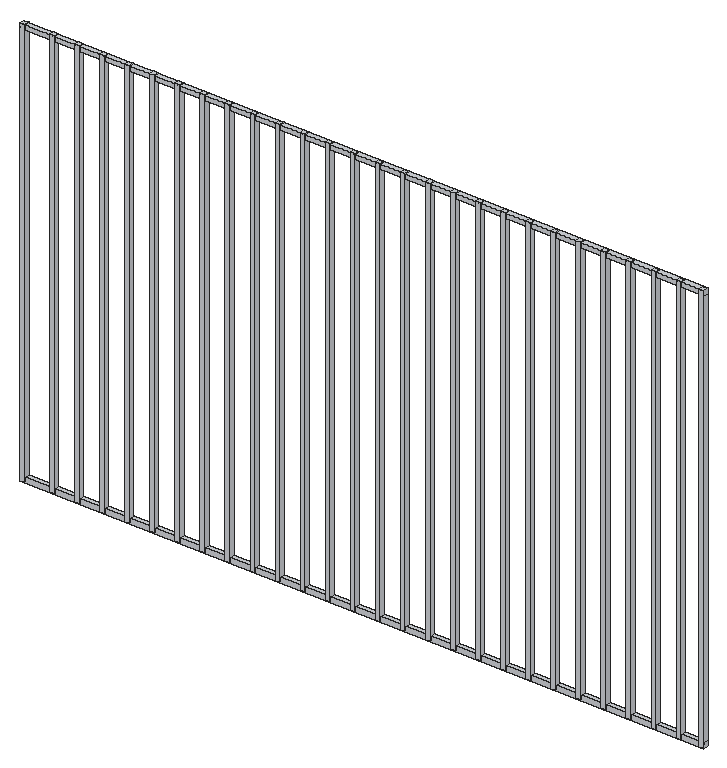
Revit family "AVLN_Ограждение лоджий встроенное", category Обобщенные модели, Revit 2021
Family settings
  Может служить основой для арматурных стержней = Нет
  Размер круглого соединителя = Использовать диаметр
  Тип детали = Нормальный
  На основе рабочей плоскости = Нет
  Всегда вертикально = Да
  При загрузке вырезать с полостями = Нет
  Общий = Нет
  Точка принадлежности помещению = Нет
Parameters (values of type "Для копирования!")
  Шаг стоек = 110 mm
  Стойка = направляющие : Прокат_квадрат_20х20
  Отметка по умолчанию = 0 mm
  Направляющие = направляющие : Прокат_квадрат_20х20
  Количество стоек_расчетное = (ADSK_Размер_Длина - Шаг стоек) / Шаг стоек  # 26
  Количество стоек = if(Количество стоек_расчетное = 1, 2, Количество стоек_расчетное)  # 26
  ADSK_Этаж [instance] = ""
  ADSK_Размер_Длина = 3000 mm
  ADSK_Размер_Высота = 1800 mm
  ADSK_Примечание [instance] = ""
  ADSK_Позиция = ""
  ADSK_Обозначение = ""
  ADSK_Наименование = ""
  ADSK_Масса [instance] = 0
  ADSK_Группирование [instance] = ""
Reference planes
  plane 1 "По центру (Вперед/Назад)": y = 0
  plane 2: z = 0
  plane 3 "По центру (Влево/Вправо)": x = 0
  plane 4: z = 1800
  plane 5: x = 1500
  plane 6: x = -1500
  plane 7: z = 900
  plane 8: x = 1390
  plane 9: x = 1280
Dimensions and locks
  equal spacing: plane 5, plane 3 "По центру (Влево/Вправо)", plane 6
  "ADSK_Размер_Длина": plane 6 to plane 5
  "ADSK_Размер_Высота": plane 2 to plane 4
  equal spacing: plane 2, plane 7, plane 4
  equal spacing: group 26, group 25, group 24, group 23, group 22, group 21, group 20, group 19, group 18, group 17, group 16, group 15, group 14, group 13, group 12, group 11, group 10, group 9, group 8, group 7, group 6, group 5, group 4, group 3, group 2, group 1
  equal spacing: group 1, group 2, group 3, group 4, group 5, group 6, group 7, group 8, group 9, group 10, group 11, group 12, group 13, group 14, group 15, group 16, group 17, group 18, group 19, group 20, group 21, group 22, group 23, group 24, group 25, group 26  (x2)
  "Шаг стоек": plane 8 to plane 5
  "Шаг стоек": plane 9 to plane 8
  aligned and locked: level to plane 2
  aligned and locked: nested 1 to plane 3 "По центру (Влево/Вправо)"
  aligned and locked: nested 2 to plane 3 "По центру (Влево/Вправо)"
  aligned and locked: plane 4 to nested 1
  aligned and locked: nested 2 to plane 2
  aligned and locked: nested 3 to plane 7
  aligned and locked: plane 8 to nested 3
  aligned and locked: plane 9 to nested 4
  aligned and locked: nested 19 to plane 7
  aligned and locked: nested 19 to plane 5
  aligned and locked: plane 6 to nested 20
  aligned and locked: plane 7 to nested 20
  aligned and locked: nested 5 to plane 7
  aligned and locked: nested 7 to plane 7
Nested families
  nested 1: "направляющие" at (1500, 0, 1790) x (-1, 0, 0) z (0, -1, 0), Длина <- "ADSK_Размер_Длина", type <- "Направляющие", ADSK_Позиция <- "ADSK_Позиция", type "Прокат_квадрат_20х20"
    with Расчет "", Марка ограждения "", Длина 3000 mm, ADSK_Размер_Длина 3000 mm, ADSK_Позиция "", ADSK_Номер секции "", ADSK_Масса 15, ADSK_Марка ""
  nested 2: "направляющие" at (1500, 0, 10) x (-1, 0, 0) z (0, -1, 0), Длина <- "ADSK_Размер_Длина", type <- "Направляющие", ADSK_Позиция <- "ADSK_Позиция", type "Прокат_квадрат_20х20"
    with Расчет "", Марка ограждения "", Длина 3000 mm, ADSK_Размер_Длина 3000 mm, ADSK_Позиция "", ADSK_Номер секции "", ADSK_Масса 15, ADSK_Марка ""
  nested 3: "направляющие" at (1390, 0, 1800) x (0, 0, -1) z (0, -1, 0), Длина <- "ADSK_Размер_Высота", type <- "Стойка", ADSK_Позиция <- "ADSK_Позиция", type "Прокат_квадрат_20х20"
    with Расчет "", Марка ограждения "", Длина 1800 mm, ADSK_Размер_Длина 1800 mm, ADSK_Позиция "", ADSK_Номер секции "", ADSK_Масса 9, ADSK_Марка ""
  nested 4: "направляющие" at (1280, 0, 1800) x (0, 0, -1) z (0, -1, 0), Длина <- "ADSK_Размер_Высота", type <- "Стойка", ADSK_Позиция <- "ADSK_Позиция", type "Прокат_квадрат_20х20"
    with Расчет "", Марка ограждения "", Длина 1800 mm, ADSK_Размер_Длина 1800 mm, ADSK_Позиция "", ADSK_Номер секции "", ADSK_Масса 9, ADSK_Марка ""
  nested 5: "направляющие" at (1170, 0, 1800) x (0, 0, -1) z (0, -1, 0), Длина <- "ADSK_Размер_Высота", type <- "Стойка", ADSK_Позиция <- "ADSK_Позиция", type "Прокат_квадрат_20х20"
    with Расчет "", Марка ограждения "", Длина 1800 mm, ADSK_Размер_Длина 1800 mm, ADSK_Позиция "", ADSK_Номер секции "", ADSK_Масса 9, ADSK_Марка ""
  nested 6: "направляющие" at (1060, 0, 1800) x (0, 0, -1) z (0, -1, 0), Длина <- "ADSK_Размер_Высота", type <- "Стойка", ADSK_Позиция <- "ADSK_Позиция", type "Прокат_квадрат_20х20"
    with Расчет "", Марка ограждения "", Длина 1800 mm, ADSK_Размер_Длина 1800 mm, ADSK_Позиция "", ADSK_Номер секции "", ADSK_Масса 9, ADSK_Марка ""
  nested 7: "направляющие" at (950, 0, 1800) x (0, 0, -1) z (0, -1, 0), Длина <- "ADSK_Размер_Высота", type <- "Стойка", ADSK_Позиция <- "ADSK_Позиция", type "Прокат_квадрат_20х20"
    with Расчет "", Марка ограждения "", Длина 1800 mm, ADSK_Размер_Длина 1800 mm, ADSK_Позиция "", ADSK_Номер секции "", ADSK_Масса 9, ADSK_Марка ""
  nested 8: "направляющие" at (840, 0, 1800) x (0, 0, -1) z (0, -1, 0), Длина <- "ADSK_Размер_Высота", type <- "Стойка", ADSK_Позиция <- "ADSK_Позиция", type "Прокат_квадрат_20х20"
    with Расчет "", Марка ограждения "", Длина 1800 mm, ADSK_Размер_Длина 1800 mm, ADSK_Позиция "", ADSK_Номер секции "", ADSK_Масса 9, ADSK_Марка ""
  nested 9: "направляющие" at (730, 0, 1800) x (0, 0, -1) z (0, -1, 0), Длина <- "ADSK_Размер_Высота", type <- "Стойка", ADSK_Позиция <- "ADSK_Позиция", type "Прокат_квадрат_20х20"
    with Расчет "", Марка ограждения "", Длина 1800 mm, ADSK_Размер_Длина 1800 mm, ADSK_Позиция "", ADSK_Номер секции "", ADSK_Масса 9, ADSK_Марка ""
  nested 10: "направляющие" at (620, 0, 1800) x (0, 0, -1) z (0, -1, 0), Длина <- "ADSK_Размер_Высота", type <- "Стойка", ADSK_Позиция <- "ADSK_Позиция", type "Прокат_квадрат_20х20"
    with Расчет "", Марка ограждения "", Длина 1800 mm, ADSK_Размер_Длина 1800 mm, ADSK_Позиция "", ADSK_Номер секции "", ADSK_Масса 9, ADSK_Марка ""
  nested 11: "направляющие" at (510, 0, 1800) x (0, 0, -1) z (0, -1, 0), Длина <- "ADSK_Размер_Высота", type <- "Стойка", ADSK_Позиция <- "ADSK_Позиция", type "Прокат_квадрат_20х20"
    with Расчет "", Марка ограждения "", Длина 1800 mm, ADSK_Размер_Длина 1800 mm, ADSK_Позиция "", ADSK_Номер секции "", ADSK_Масса 9, ADSK_Марка ""
  nested 12: "направляющие" at (400, 0, 1800) x (0, 0, -1) z (0, -1, 0), Длина <- "ADSK_Размер_Высота", type <- "Стойка", ADSK_Позиция <- "ADSK_Позиция", type "Прокат_квадрат_20х20"
    with Расчет "", Марка ограждения "", Длина 1800 mm, ADSK_Размер_Длина 1800 mm, ADSK_Позиция "", ADSK_Номер секции "", ADSK_Масса 9, ADSK_Марка ""
  nested 13: "направляющие" at (290, 0, 1800) x (0, 0, -1) z (0, -1, 0), Длина <- "ADSK_Размер_Высота", type <- "Стойка", ADSK_Позиция <- "ADSK_Позиция", type "Прокат_квадрат_20х20"
    with Расчет "", Марка ограждения "", Длина 1800 mm, ADSK_Размер_Длина 1800 mm, ADSK_Позиция "", ADSK_Номер секции "", ADSK_Масса 9, ADSK_Марка ""
  nested 14: "направляющие" at (180, 0, 1800) x (0, 0, -1) z (0, -1, 0), Длина <- "ADSK_Размер_Высота", type <- "Стойка", ADSK_Позиция <- "ADSK_Позиция", type "Прокат_квадрат_20х20"
    with Расчет "", Марка ограждения "", Длина 1800 mm, ADSK_Размер_Длина 1800 mm, ADSK_Позиция "", ADSK_Номер секции "", ADSK_Масса 9, ADSK_Марка ""
  nested 15: "направляющие" at (70, 0, 1800) x (0, 0, -1) z (0, -1, 0), Длина <- "ADSK_Размер_Высота", type <- "Стойка", ADSK_Позиция <- "ADSK_Позиция", type "Прокат_квадрат_20х20"
    with Расчет "", Марка ограждения "", Длина 1800 mm, ADSK_Размер_Длина 1800 mm, ADSK_Позиция "", ADSK_Номер секции "", ADSK_Масса 9, ADSK_Марка ""
  nested 16: "направляющие" at (-40, 0, 1800) x (0, 0, -1) z (0, -1, 0), Длина <- "ADSK_Размер_Высота", type <- "Стойка", ADSK_Позиция <- "ADSK_Позиция", type "Прокат_квадрат_20х20"
    with Расчет "", Марка ограждения "", Длина 1800 mm, ADSK_Размер_Длина 1800 mm, ADSK_Позиция "", ADSK_Номер секции "", ADSK_Масса 9, ADSK_Марка ""
  nested 17: "направляющие" at (-150, 0, 1800) x (0, 0, -1) z (0, -1, 0), Длина <- "ADSK_Размер_Высота", type <- "Стойка", ADSK_Позиция <- "ADSK_Позиция", type "Прокат_квадрат_20х20"
    with Расчет "", Марка ограждения "", Длина 1800 mm, ADSK_Размер_Длина 1800 mm, ADSK_Позиция "", ADSK_Номер секции "", ADSK_Масса 9, ADSK_Марка ""
  nested 18: "направляющие" at (-260, 0, 1800) x (0, 0, -1) z (0, -1, 0), Длина <- "ADSK_Размер_Высота", type <- "Стойка", ADSK_Позиция <- "ADSK_Позиция", type "Прокат_квадрат_20х20"
    with Расчет "", Марка ограждения "", Длина 1800 mm, ADSK_Размер_Длина 1800 mm, ADSK_Позиция "", ADSK_Номер секции "", ADSK_Масса 9, ADSK_Марка ""
  nested 19: "направляющие" at (1490, 0, 1800) x (0, 0, -1) z (0, -1, 0), type <- "Стойка", Длина <- "ADSK_Размер_Высота", ADSK_Позиция <- "ADSK_Позиция", type "Прокат_квадрат_20х20"
    with Расчет "", Марка ограждения "", Длина 1800 mm, ADSK_Размер_Длина 1800 mm, ADSK_Позиция "", ADSK_Номер секции "", ADSK_Масса 9, ADSK_Марка ""
  nested 20: "направляющие" at (-1490, 0, 1800) x (0, 0, -1) z (0, -1, 0), type <- "Стойка", Длина <- "ADSK_Размер_Высота", ADSK_Позиция <- "ADSK_Позиция", type "Прокат_квадрат_20х20"
    with Расчет "", Марка ограждения "", Длина 1800 mm, ADSK_Размер_Длина 1800 mm, ADSK_Позиция "", ADSK_Номер секции "", ADSK_Масса 9, ADSK_Марка ""
  nested 21: "направляющие" at (-370, 0, 1800) x (0, 0, -1) z (0, -1, 0), Длина <- "ADSK_Размер_Высота", type <- "Стойка", ADSK_Позиция <- "ADSK_Позиция", type "Прокат_квадрат_20х20"
    with Расчет "", Марка ограждения "", Длина 1800 mm, ADSK_Размер_Длина 1800 mm, ADSK_Позиция "", ADSK_Номер секции "", ADSK_Масса 9, ADSK_Марка ""
  nested 22: "направляющие" at (-480, 0, 1800) x (0, 0, -1) z (0, -1, 0), Длина <- "ADSK_Размер_Высота", type <- "Стойка", ADSK_Позиция <- "ADSK_Позиция", type "Прокат_квадрат_20х20"
    with Расчет "", Марка ограждения "", Длина 1800 mm, ADSK_Размер_Длина 1800 mm, ADSK_Позиция "", ADSK_Номер секции "", ADSK_Масса 9, ADSK_Марка ""
  nested 23: "направляющие" at (-590, 0, 1800) x (0, 0, -1) z (0, -1, 0), Длина <- "ADSK_Размер_Высота", type <- "Стойка", ADSK_Позиция <- "ADSK_Позиция", type "Прокат_квадрат_20х20"
    with Расчет "", Марка ограждения "", Длина 1800 mm, ADSK_Размер_Длина 1800 mm, ADSK_Позиция "", ADSK_Номер секции "", ADSK_Масса 9, ADSK_Марка ""
  nested 24: "направляющие" at (-700, 0, 1800) x (0, 0, -1) z (0, -1, 0), Длина <- "ADSK_Размер_Высота", type <- "Стойка", ADSK_Позиция <- "ADSK_Позиция", type "Прокат_квадрат_20х20"
    with Расчет "", Марка ограждения "", Длина 1800 mm, ADSK_Размер_Длина 1800 mm, ADSK_Позиция "", ADSK_Номер секции "", ADSK_Масса 9, ADSK_Марка ""
  nested 25: "направляющие" at (-810, 0, 1800) x (0, 0, -1) z (0, -1, 0), Длина <- "ADSK_Размер_Высота", type <- "Стойка", ADSK_Позиция <- "ADSK_Позиция", type "Прокат_квадрат_20х20"
    with Расчет "", Марка ограждения "", Длина 1800 mm, ADSK_Размер_Длина 1800 mm, ADSK_Позиция "", ADSK_Номер секции "", ADSK_Масса 9, ADSK_Марка ""
  nested 26: "направляющие" at (-920, 0, 1800) x (0, 0, -1) z (0, -1, 0), Длина <- "ADSK_Размер_Высота", type <- "Стойка", ADSK_Позиция <- "ADSK_Позиция", type "Прокат_квадрат_20х20"
    with Расчет "", Марка ограждения "", Длина 1800 mm, ADSK_Размер_Длина 1800 mm, ADSK_Позиция "", ADSK_Номер секции "", ADSK_Масса 9, ADSK_Марка ""
  nested 27: "направляющие" at (-1030, 0, 1800) x (0, 0, -1) z (0, -1, 0), Длина <- "ADSK_Размер_Высота", type <- "Стойка", ADSK_Позиция <- "ADSK_Позиция", type "Прокат_квадрат_20х20"
    with Расчет "", Марка ограждения "", Длина 1800 mm, ADSK_Размер_Длина 1800 mm, ADSK_Позиция "", ADSK_Номер секции "", ADSK_Масса 9, ADSK_Марка ""
  nested 28: "направляющие" at (-1140, 0, 1800) x (0, 0, -1) z (0, -1, 0), Длина <- "ADSK_Размер_Высота", type <- "Стойка", ADSK_Позиция <- "ADSK_Позиция", type "Прокат_квадрат_20х20"
    with Расчет "", Марка ограждения "", Длина 1800 mm, ADSK_Размер_Длина 1800 mm, ADSK_Позиция "", ADSK_Номер секции "", ADSK_Масса 9, ADSK_Марка ""
  nested 29: "направляющие" at (-1250, 0, 1800) x (0, 0, -1) z (0, -1, 0), Длина <- "ADSK_Размер_Высота", type <- "Стойка", ADSK_Позиция <- "ADSK_Позиция", type "Прокат_квадрат_20х20"
    with Расчет "", Марка ограждения "", Длина 1800 mm, ADSK_Размер_Длина 1800 mm, ADSK_Позиция "", ADSK_Номер секции "", ADSK_Масса 9, ADSK_Марка ""
  nested 30: "направляющие" at (-1360, 0, 1800) x (0, 0, -1) z (0, -1, 0), Длина <- "ADSK_Размер_Высота", type <- "Стойка", ADSK_Позиция <- "ADSK_Позиция", type "Прокат_квадрат_20х20"
    with Расчет "", Марка ограждения "", Длина 1800 mm, ADSK_Размер_Длина 1800 mm, ADSK_Позиция "", ADSK_Номер секции "", ADSK_Масса 9, ADSK_Марка ""
Definition of nested family "направляющие"
  Parameters (values of type "Прокат_полоса_40х4")
    Ширина = 4 mm
    Число = 0 mm
    Труба_круг = no
    Труба_квадрат = yes
    Толщина стенки трубы = 1 mm
    Расчет [instance] = ""
    Прокат_круг = no
    Прокат_квадрат = no
    Позиция для ограждения = 0
    Default Elevation = 1219.2 mm
    Масса = 0.00 kg
    Марка ограждения [instance] = ""
    Model = "Элемент ограждения"  # constant formula
    Высота/Диаметр = 40 mm
    Description = "ОГ"
    Длина [instance] = 1150 mm
    ADSK_Размер_Длина [instance] = Длина  # 1150 mm
    ADSK_Позиция [instance] = ""
    ADSK_Обозначение = "С235 ГОСТ27772-2015"
    ADSK_Номер секции [instance] = ""
    ADSK_Наименование = "Полоса 4х25 ГОСТ 103-2006"
    ADSK_Масса погонного метра = 5  # constant formula
    ADSK_Масса [instance] = ADSK_Масса погонного метра * ADSK_Размер_Длина / 1000 mm  # 5.75
    ADSK_Марка [instance] = ""
  Types (6, lengths in mm): name | Ширина | Труба_круг | Труба_квадрат | Толщина стенки трубы | Прокат_круг | Прокат_квадрат | Высота/Диаметр | Description
    Труба_квадрат_40х100 | 40 | no | yes | 2.5 | no | no | 100 | "ОГ"
    Труба_круг_50х2.5 | 15 | yes | no | 2.5 | no | no | 50 | "ОГ"
    Прокат_круг_20х2,5 | 15 | no | no | 2.5 | yes | no | 20 | "ОГ"
    Прокат_квадрат_20х20 | 20 | no | no | 2.5 | no | yes | 20 | "ОГ"
    Прокат_полоса 25х4 | 4 | no | no | 1 | no | yes | 25 | ""
    Прокат_полоса_40х4 | 4 | no | yes | 1 | no | no | 40 | "ОГ"
  Reference planes
    plane 1 "По центру (Вперед/Назад)": y = 0
    plane 2: z = 0
    plane 3 "По центру (Влево/Вправо)": x = 0
    plane 4: x = 1150
    plane 5: z = -40
    plane 6: z = -20
    plane 7: y = -2
    plane 8: y = 2
    plane 9: x = 575
  Forms (mm)
    Sweep 1, solid, visible <- "Труба_круг"
      path in 3D
        loop
          line (0, 0, 0) -> (1150, 0, 0)
      profile "круглый профиль_полый : Круглый профиль_полый" origin (575, 0, 0) x (0, 1, 0) y (0, 0, 1)
        loop
          circle (0, -20) r 19
        loop
          circle (0, -20) r 20
    Sweep 2, solid, visible <- "Труба_квадрат"
      path in 3D
        loop
          line (0, 0, 0) -> (1150, 0, 0)
      profile "квадратный профиль_полый : Круглый профиль_полый" origin (575, 0, 0) x (0, 1, 0) y (0, 0, 1)
        loop
          line (-1, -1) -> (-1, -39) -> (1, -39) -> (1, -1) -> (-1, -1)
        loop
          line (-2, 0) -> (-2, -40) -> (2, -40) -> (2, 0) -> (-2, 0)
    Sweep 3, solid, visible <- "Прокат_квадрат"
      path in 3D
        loop
          line (0, 0, 0) -> (1150, 0, 0)
      profile "квадратный профиль : Круглый профиль_полый" origin (575, 0, 0) x (0, 1, 0) y (0, 0, 1)
        loop
          line (-2, 0) -> (-2, -40) -> (2, -40) -> (2, 0) -> (-2, 0)
    Sweep 4, solid, visible <- "Прокат_круг"
      path in 3D
        loop
          line (0, 0, 0) -> (1150, 0, 0)
      profile "круглый профиль : Круглый профиль_полый" origin (575, 0, 0) x (0, 1, 0) y (0, 0, 1)
        loop
          circle (0, -20) r 20
  Lines and regions (mm)
    reference lines
      curve 1: line (0, 0, 0) -> (0, 0, -40)
      curve 2: line (0, 3, 0) -> (0, -3, 0)
      curve 3: line (0, 0, 0) -> (1150, 0, 0)
      curve 4: line (0, -2, -20) -> (0, 2, -20)
      curve 5: line (0, 0, -20) -> (1150, 0, -20)
      curve 6: line (0, -2, 0) -> (0, 2, 0)
      curve 7: line (0, -2, -40) -> (0, -2, 0)
      curve 8: line (0, 2, -40) -> (0, -2, -40)
      curve 9: line (0, 2, 0) -> (0, 2, -40)
      curve 10: line (0, 0, -40) -> (1150, 0, -40)
    sketch lines
      curve 11: line (0, 0, 0) -> (1150, 0, 0)
      curve 12: line (0, 0, 0) -> (1150, 0, 0)
      curve 13: line (0, 0, 0) -> (1150, 0, 0)
      curve 14: line (0, 0, 0) -> (1150, 0, 0)
  Dimensions and locks
    "Длина": plane 4 to plane 3 "По центру (Влево/Вправо)"
    "Ширина": plane 7 to plane 8
    "Высота/Диаметр": plane 2 to plane 5
    equal spacing: plane 2, plane 6, plane 5
    equal spacing: plane 7, plane 1 "По центру (Вперед/Назад)", plane 8
    equal spacing: plane 3 "По центру (Влево/Вправо)", plane 9, plane 4
    aligned and locked: level to plane 2
    aligned and locked: plane 1 "По центру (Вперед/Назад)" to curve 1
    aligned and locked: curve 2 to plane 2
    aligned and locked: plane 3 "По центру (Влево/Вправо)" to curve 3
    aligned and locked: plane 4 to curve 3
    aligned and locked: plane 1 "По центру (Вперед/Назад)" to curve 3
    aligned and locked: curve 4 to plane 6
    aligned and locked: plane 8 to curve 4
    aligned and locked: plane 7 to curve 4
    aligned and locked: plane 5 to curve 1
    aligned and locked: plane 2 to curve 1
    aligned and locked: plane 2 to curve 3  (x2)
    aligned and locked: plane 3 "По центру (Влево/Вправо)" to curve 5
    aligned and locked: plane 4 to curve 5
    aligned and locked: curve 5 to plane 6
    aligned and locked: plane 7 to curve 7
    aligned and locked: plane 5 to curve 8
    aligned and locked: curve 9 to plane 8
    aligned and locked: curve 6 to plane 2
    aligned and locked: curve 1 to curve 10
    aligned and locked: Sweep 1 to curve 10
    aligned and locked: curve 10 to plane 5
    aligned and locked: plane 1 "По центру (Вперед/Назад)" to curve 5  (x3)
    aligned and locked: plane 6 to curve 5  (x2)
    aligned and locked: plane 3 "По центру (Влево/Вправо)" to Sweep 2
    aligned and locked: Sweep 2 to plane 4
    aligned and locked: plane 3 "По центру (Влево/Вправо)" to curve 6
    aligned and locked: plane 4 to Sweep 2  (x2)
    aligned and locked: plane 3 "По центру (Влево/Вправо)" to Sweep 1
    aligned and locked: Sweep 1 to plane 4
    aligned and locked: Sweep 4 to plane 4
    aligned and locked: plane 3 "По центру (Влево/Вправо)" to Sweep 4
    aligned and locked: plane 3 "По центру (Влево/Вправо)" to Sweep 3
    aligned and locked: Sweep 3 to plane 4
  Automatic sketch dimensions
    plane 7 to curve 2 = 5 mm
    curve 2 to plane 8 = 5 mm
    plane 4 to curve 10 = 0 mm
